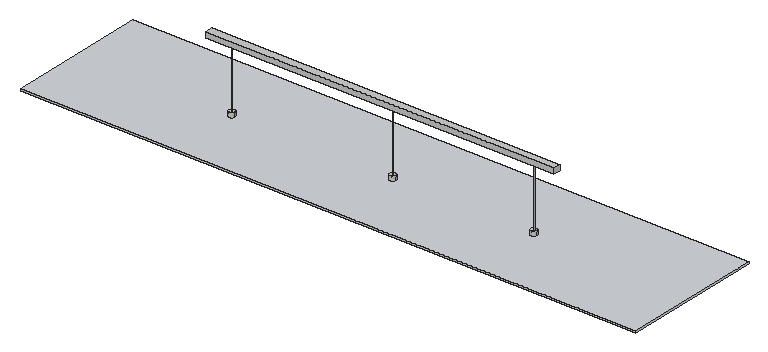
Revit family
Parameters (values of type "8 ft Cable Mount")
  URL = "www.lightingservicesinc.com/product.asp?productID=140"
  Type Comments = ""
  Suspension Length Note = ""
  Suspension Length [instance] = 1' - 6"
  Mount Diameter = 0' - 0 3/4"
  Model Date = "26 March 2010"
  Model = "32X20"
  Mfr. Catalog # = ""
  Manufacturer = "Lighting Services Inc."
  Length = 7' - 6 13/16"
  LSI Suspension [instance] = none
  LSI Suspended Track Finish [instance] = LSI Suspended Track Finish
  Keynote = "26 55 59"
  Distance R Mount to R end of Track [instance] = 0' - 6"
  Distance L Mount to L End of Track [instance] = 0' - 6"
  Distance C Mount to L end of Track [instance] = 4' - 0"
  Dimension Note = "Dimensions under Other are mfr dimensions; please do not change"
  Description = "120/250V 2 Ckt Suspended Track"
  Default Elevation = 4' - 0"
  Center Mount = yes
  Cable/Stem Radius = 0' - 0 3/32"
  Assembly Code = "D5020200"
Types (7): name | Suspension Length Note | Mount Diameter | Model | Length | Distance C Mount to L end of Track | Center Mount | Cable/Stem Radius
  (no name) | "" | 0' - 0 3/4" | "32X20" | 7' - 6 13/16" | 4' - 0" | yes | 0' - 0 3/32"
  4 ft Cable Mount | "" | 0' - 0 3/4" | "32X10" | 3' - 6 13/16" | 2' - 0" | no | 0' - 0 3/32"
  8 ft Cable Mount | "" | 0' - 0 3/4" | "32X20" | 7' - 6 13/16" | 4' - 0" | yes | 0' - 0 3/32"
  12 ft Cable Mount | "" | 0' - 0 3/4" | "32X30" | 11' - 6 13/16" | 6' - 0" | yes | 0' - 0 3/32"
  4 ft Canopy Mount | "" | 0' - 5" | "32X10" | 3' - 6 13/16" | 2' - 0" | no | 0' - 0 1/4"
  8 ft Canopy Mount | "Distance from mounting surface to bottom of track" | 0' - 5" | "32X20" | 7' - 6 13/16" | 4' - 0" | yes | 0' - 0 1/4"
  12 ft Canopy Mount | "" | 0' - 5" | "32X30" | 11' - 6 13/16" | 6' - 0" | yes | 0' - 0 1/4"
Reference planes (in)
  plane 1 "Center (Front/Back)": y = 0
  plane 2: z = 0
  plane 3 "Center (Left/Right)": x = 0
  plane 4 "Left": x = -45.40625
  plane 5 "Right": x = 45.40625
  plane 6: y = 0.90625
  plane 7: y = -0.90625
  plane 8 "Bottom of Track": z = 18
  plane 9 "Top of Track": z = 16.5625
  plane 10: z = 1
  plane 11 "Left Mount": x = -39.40625
  plane 12 "Center Mount": x = 2.59375
  plane 13 "Right Mount": x = 39.40625
Forms (in)
  Extrusion 1, solid
    sketch origin (0, 0, 0) x (1, 0, 0) y (0, 1, 0)
      loop
        line (-80, 18.39135) -> (-80, -18.22965) -> (80.64142, -18.22965) -> (80.64142, 18.39135) -> (-80, 18.39135)
    from 0 to -0.5
  Extrusion 2, solid, material "LSI Suspended Track Finish"
    sketch origin (0, 0, 0) x (0, 1, 0) y (0, 0, 1)
      loop
        line (-0.90625, 18) -> (-0.90625, 16.5625) -> (0.90625, 16.5625) -> (0.90625, 18) -> (-0.90625, 18)
    from -45.40625 to 45.40625
  Extrusion 3, solid, material "LSI Suspended Track Finish", visible <- "Center Mount", detail levels medium+fine
    sketch origin (0, 0, 0) x (1, 0, 0) y (0, 1, 0)
      loop
        circle (2.59375, 0) r 0.75
    from 0 to 1
  Extrusion 4, solid, material "LSI Suspended Track Finish", detail levels medium+fine
    sketch origin (-9.3125, 0, 0) x (1, 0, 0) y (0, 1, 0)
      loop
        circle (-30.09375, 0) r 0.75
    from 0 to 1
  Extrusion 5, solid, material "LSI Suspended Track Finish", detail levels medium+fine
    sketch origin (45.75, 0, 0) x (-1, 0, 0) y (0, -1, 0)
      loop
        circle (6.34375, 0) r 0.75
    from 0 to 1
  Extrusion 6, solid, material <- "LSI Suspension", detail levels medium+fine
    sketch origin (0, 0, 0) x (1, 0, 0) y (0, 1, 0)
      loop
        circle (-39.40625, 0) r 0.09375
    from 1 to 16.5625
  Extrusion 7, solid, material <- "LSI Suspension", visible <- "Center Mount", detail levels medium+fine
    sketch origin (17, 0, 0) x (1, 0, 0) y (0, 1, 0)
      loop
        circle (-14.40625, 0) r 0.09375
    from 1 to 16.5625
  Extrusion 8, solid, material <- "LSI Suspension", detail levels medium+fine
    sketch origin (36, 0, 0) x (1, 0, 0) y (0, 1, 0)
      loop
        circle (3.40625, 0) r 0.09375
    from 1 to 16.5625
Dimensions and locks (in)
  "Length": plane 4 "Left" to plane 5 "Right"
  equal spacing: plane 4 "Left", plane 3 "Center (Left/Right)", plane 5 "Right"
  locked: plane 6 to plane 7 at 1.8125
  equal spacing: plane 6, plane 1 "Center (Front/Back)", plane 7
  locked: plane 8 "Bottom of Track" to plane 9 "Top of Track" at 1.4375
  "Suspension Length": plane 8 "Bottom of Track" to plane 2
  locked: plane 10 to plane 2 at 1
  "Distance L Mount to L End of Track": plane 4 "Left" to plane 11 "Left Mount"
  "Distance R Mount to R end of Track": plane 13 "Right Mount" to plane 5 "Right"
  "Distance C Mount to L end of Track": plane 4 "Left" to plane 12 "Center Mount"
  "Mount Diameter": radius of Extrusion 4 sketch curve
  "Mount Diameter": radius of Extrusion 5 sketch curve
  "Mount Diameter": radius of Extrusion 3 sketch curve
  "Cable/Stem Radius": radius of Extrusion 6 sketch curve
  "Cable/Stem Radius": radius of Extrusion 7 sketch curve
  "Cable/Stem Radius": radius of Extrusion 8 sketch curve
  aligned and locked: Extrusion 1 to plane 2
  aligned and locked: Extrusion 1 to level
  aligned and locked: Extrusion 2 to plane 4 "Left"
  aligned and locked: plane 5 "Right" to Extrusion 2
  aligned and locked: plane 10 to Extrusion 3
  aligned and locked: Extrusion 3 to plane 2
  aligned and locked: plane 11 "Left Mount" to Extrusion 4 sketch curve
  aligned and locked: plane 12 "Center Mount" to Extrusion 3 sketch curve
  aligned and locked: plane 13 "Right Mount" to Extrusion 5 sketch curve
  aligned and locked: plane 10 to Extrusion 5
  aligned and locked: plane 2 to Extrusion 5
  aligned and locked: plane 10 to Extrusion 4
  aligned and locked: Extrusion 4 to plane 2
  aligned and locked: Extrusion 8 to plane 10
  aligned and locked: plane 9 "Top of Track" to Extrusion 8
  aligned and locked: plane 9 "Top of Track" to Extrusion 6
  aligned and locked: Extrusion 6 to plane 10
  aligned and locked: Extrusion 7 to plane 10
  aligned and locked: plane 9 "Top of Track" to Extrusion 7
  aligned and locked: plane 11 "Left Mount" to Extrusion 6 sketch curve
  aligned and locked: plane 1 "Center (Front/Back)" to Extrusion 6 sketch curve
  aligned and locked: plane 13 "Right Mount" to Extrusion 8 sketch curve
  aligned and locked: plane 1 "Center (Front/Back)" to Extrusion 8 sketch curve
  aligned and locked: plane 12 "Center Mount" to Extrusion 7 sketch curve
  aligned and locked: plane 1 "Center (Front/Back)" to Extrusion 7 sketch curve
  aligned and locked: plane 3 "Center (Left/Right)" to nested 1
  aligned and locked: plane 1 "Center (Front/Back)" to nested 1
Automatic sketch dimensions
  Extrusion 1 sketch curve to Extrusion 1 sketch curve = 13' - 4.64142"
  Extrusion 1 sketch curve to Extrusion 1 sketch curve = 3' - 0.62101"
  Extrusion 2 sketch curve to plane 7 = 0' - 0"
  Extrusion 2 sketch curve to plane 6 = 0' - 0"
  Extrusion 2 sketch curve to plane 9 "Top of Track" = 0' - 0"
  Extrusion 2 sketch curve to plane 8 "Bottom of Track" = 0' - 0"
  Extrusion 3 sketch curve to plane 1 "Center (Front/Back)" = 0' - 0"
  Extrusion 4 sketch curve to plane 1 "Center (Front/Back)" = 0' - 0"
  Extrusion 5 sketch curve to plane 1 "Center (Front/Back)" = 0' - 0"
Nested families (in)
  nested 1: "LSI Track Plan View Symbol" at (63.06131, -9.84847, 0), type "Track"
Connectors (in)
  electrical at (0, -0.90625, 17.28125)
    settings: on Extrusion 2, index 1
  electrical at (0, 0.90625, 17.28125)
    settings: on Extrusion 2, index 2
Definition of nested family "LSI Track Plan View Symbol"
  Parameters (values of type "8'")
    Width = 0' - 1 13/16"
    Length = 7' - 6 13/16"
    Assembly Code = ""
  Types (3): name | Length
    4' | 3' - 6 13/16"
    8' | 7' - 6 13/16"
    12' | 11' - 6 13/16"
  Reference planes (in)
    plane 1 "Center (Front/Back)": y = 9.84847
    plane 2: z = 0
    plane 3 "Center (Left/Right)": x = -63.06131
    plane 4: x = -108.46756
    plane 5: x = -17.65506
    plane 6: y = 10.75472
    plane 7: y = 8.94222
  Lines and regions (in)
    detail lines, in view "Ref. Level"
      curve 1: line (-108.46756, 10.75472, 0) -> (-17.65506, 10.75472, 0)
      curve 2: line (-108.46756, 8.94222, 0) -> (-108.46756, 10.75472, 0)
      curve 3: line (-17.65506, 8.94222, 0) -> (-108.46756, 8.94222, 0)
      curve 4: line (-17.65506, 10.75472, 0) -> (-17.65506, 8.94222, 0)
  Dimensions and locks (in)
    "Length": plane 4 to plane 5
    equal spacing: plane 4, plane 3 "Center (Left/Right)", plane 5
    "Width": plane 6 to plane 7
    equal spacing: plane 6, plane 1 "Center (Front/Back)", plane 7
    aligned and locked: plane 4 to curve 1
    aligned and locked: curve 1 to plane 6
    aligned and locked: plane 7 to curve 4
    aligned and locked: curve 4 to plane 5
